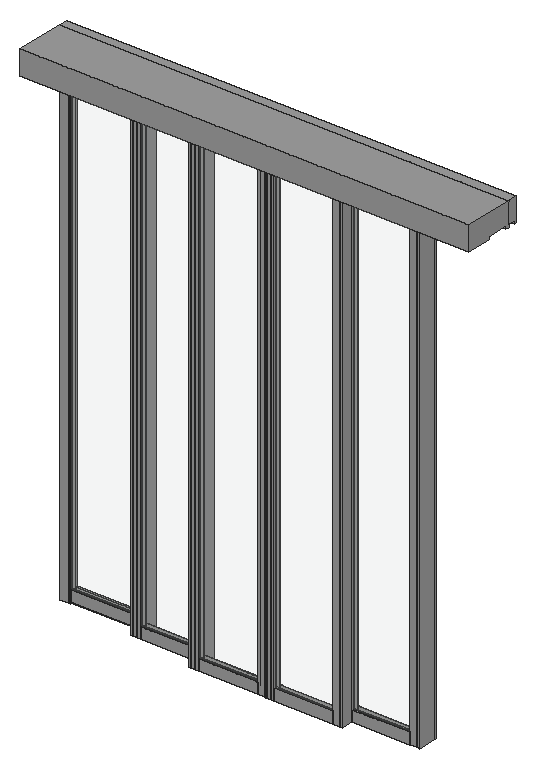
Revit family "agtatec_Record_SldngDrset_D-TSA-Telescopic_Standalone", category Doors, Revit 2015
Parameters (values of type "D-TSA 108 mm drive unit height - side panel left")
  WithoutDriveCladding(OnlyApplicableForTypesWithoutSidePanels) = not(WithDriveCladding)  # no
  Without side panels = and(not(RightPanel), not(LeftPanel))  # no
  WithinStandardSizes = and(OpeningWidth > 799.90 mm, OpeningWidth < 3000.10 mm, ClearHeightOfPassage < 3000.10 mm, ClearHeightOfPassage > 1999.90 mm)  # yes
  WithDriveCladding = yes
  With side panels = and(RightPanel, LeftPanel)  # no
  Weight = "Depends on configuration and size"
  WarrantyDurationUnit = "Depends on country"
  WallMountingProfile = yes
  Wall Mounting Right = and(WallMountingProfile, RightPanel)  # no
  Wall Mounting Left = and(WallMountingProfile, LeftPanel)  # yes
  TotalWidth = if(With side panels, SidePanelWidthLeft + SidePanelWidthRight + OpeningWidth, if(RightPanel, SidePanelWidthRight + OpeningWidth + 44.00 mm, if(LeftPanel, SidePanelWidthLeft + OpeningWidth + 44.00 mm, OpeningWidth + 88.00 mm)))  # 1644.00 mm
  TotalHeight = ClearHeightOfPassage + DriveUnitHeight  # 2295.00 mm
  Thickness = 0.00 mm
  SustainabilityPerformance = "n/a"
  SupportLength = SidePanelWidthLeft + SidePanelWidthRight + OpeningWidth + DriveUnitExtraWidthRight + DriveUnitExtraWidthLeft  # 2000.00 mm
  SidePanelWidthRight = (OpeningWidth / 4) + 100.00 mm + ExtraRight  # 400.00 mm
  SidePanelWidthLeft = (OpeningWidth / 4) + 100.00 mm + ExtraLeft  # 400.00 mm
  ServiceLifeType = "n/a"
  SecurityRating = "None"
  RightPanel = no
  Revision = "n/a"
  ProductInformation = "www.agta-record.com"
  Process = "n/a"
  PassageMountingProfile(OnlyApplicableForTypesWithTwoSidePanels) = not(WallMountingProfile)  # no
  Passage Mounting Right = and([PassageMountingProfile(OnlyApplicableForTypesWithTwoSidePanels)], RightPanel)  # no
  Passage Mounting Left = and([PassageMountingProfile(OnlyApplicableForTypesWithTwoSidePanels)], LeftPanel)  # no
  PanelHeight = ClearHeightOfPassage + 13.00 mm  # 2200.00 mm
  PanelFrames = agtatec_Record_Sliding Door, Aluminium
  PanelFill = agtatec_Record_Sliding Door, Laminated Safety Glass (Clear)
  OuterPanelWidthRight = SidePanelWidthRight - 27.00 mm  # 373.00 mm
  OuterPanelWidthLeft = SidePanelWidthLeft - 27.00 mm  # 373.00 mm
  OpeningWidth = 1200.00 mm
  Name = "SldngDrset_D-TSA-Telescopic_Standalone_Record"
  NBSTypeID = "n/a"
  NBSReference = "25-50-20/175"
  NBSOfficeMasterTag = "n/a"
  NBSNote = "n/a"
  NBSDescription = "Sliding Doorset"
  NBSCertification = "n/a"
  ModelNumber = "n/a"
  ModelLabel = "n/a"
  MethodOfMeasurement = "n/a"
  ManufacturerName = "Record"
  LeftPanel = yes
  InterlancingProfileHeight = PanelHeight - 5.00 mm  # 2195.00 mm
  InstallationDate [instance] = "1900-12-31T23:59:59"
  InnerPanelWidth2 = (OpeningWidth / 4) + 20.00 mm  # 320.00 mm
  InnerPanelWidth1 = (OpeningWidth / 4) + 32.00 mm  # 332.00 mm
  IfcExportType = "Door"
  IfcExportAs = "IfcDoorStyle"
  Grade = "n/a"
  GlazingAreaFraction = "Depends on size. Can be calculated"
  FloorGuide = agtatec_Record_Sliding Door, Stainless Steel
  FireRating = "None"
  Fire Rating = "n/a"
  Features = "n/a"
  ExtraWidthRight = 0.00 mm
  ExtraWidthLeft = 0.00 mm
  ExtraRight = if(not(RightPanel), 0.00 mm, ExtraWidthRight)  # 0.00 mm
  ExtraLeft = if(not(LeftPanel), 0.00 mm, ExtraWidthLeft)  # 0.00 mm
  ExpectedLife = "n/a"
  DurationUnit = "year"
  DriveUnitHeight = 108.00 mm
  DriveUnitExtraWidthRight = 0.00 mm
  DriveUnitExtraWidthLeft = 0.00 mm
  DriveUnitCenterDistance = (OpeningWidth / 2) + SidePanelWidthRight + DriveUnitExtraWidthRight  # 1000.00 mm
  DriveUnit = agtatec_Record_Sliding Door, Sheet Metal (Painted Steel)
  DriveDepth2 = if([WithoutDriveCladding(OnlyApplicableForTypesWithoutSidePanels)], 0.00 mm, 37.00 mm)  # 37.00 mm
  DriveDepth = if([WithoutDriveCladding(OnlyApplicableForTypesWithoutSidePanels)], 222.00 mm, 259.00 mm)  # 259.00 mm
  DoorOpening2 = if(DoorOpening1 > 1.00 mm, (OpeningWidth / 2) + DoorOpening1 / 2, OpeningWidth / 2)  # 600.00 mm
  DoorOpening1 = if(DoorOpening > OpeningWidth, OpeningWidth, DoorOpening)  # 0.00 mm
  DoorOpening = 0.00 mm
  Width = TotalWidth  # 1644.00 mm
  WarrantyStartDate [instance] = "1900-12-31T23:59:59"
  WarrantyGuarantorParts = "Local door manufacturer"
  WarrantyGuarantorLabour = "Local door manufacturer"
  WarrantyDurationParts = "Depends on country"
  WarrantyDurationLabour = "Depends on country"
  WarrantyDescription = "Depends on country"
  Version = "Version 1.0"
  Uniclass2 = "Ss_25_30_20_77"
  URL = "www.agta-record.com"
  Type Comments = "n/a"
  ThresholdStripping = "No additional required, part of the doorset"
  ThresholdRequired = yes
  ThermalTransmittance = 0
  TagNumber [instance] = "n/a"
  SmokeStop = no
  Size = "n/a"
  Shape = "Rectangular"
  ServiceLifeDuration = "10-15 years"
  SerialNumber [instance] = "n/a"
  SelfClosing = yes
  Rough Width = TotalWidth + 6.00 mm  # 1650.00 mm
  Rough Height = TotalHeight + 6.00 mm  # 2301.00 mm
  ReplacementCost = "Depends on the configuration and door type"
  ReferenceStandard = "EN16005, EN16361, DIN 18650, etc."
  Reference = "n/a"
  ProductionYear = "n/a"
  PassageWidthOptions = "n/a"
  Operation = "n/a"
  NominalWidth = TotalWidth  # 1644.00 mm
  NominalLength = 0.00 mm
  NominalHeight = TotalHeight  # 2295.00 mm
  ModelReference = "Depends on the configuration"
  Model = "record Telescopic Linear Slider"
  Material = "Aluminium"
  ManufacturerURL = "www.agta-record.com"
  Manufacturer = "info@recorduk.co.uk"
  LeafColourOptions = "All RAL, customer specific"
  Keynote = "n/a"
  IssueDate = "n/a"
  IsExternal = yes
  Infiltration = "n/a"
  Height = TotalHeight  # 2295.00 mm
  HasDrive = yes
  HandicapAccessible = yes
  GlassType = "Part of glazing spec"
  GlassThickness2 = "6 mm (default)"
  GlassThickness1 = "6 mm (default)"
  GlassLayers = 2
  Function = Exterior
  FrameSeal = yes
  FrameProfile = "Aluminium"
  FrameMaterial = "Aluminium"
  FrameFinishOptions = "n/a"
  FireExit = no
  Finish = "Powder coated, Anodized, customer specific"
  ElectronicLock = yes
  DoorsetOperation = "Automatic"
  DoorsetFasteners = "Screws"
  DoorSeal = "yes"
  DoorNumber = "n/a"
  DoorIncluded = yes
  Documentation = "n/a"
  DocumentReference = "n/a"
  DistanceToWall = if([WithoutDriveCladding(OnlyApplicableForTypesWithoutSidePanels)], 20.00 mm, 57.00 mm)  # 57.00 mm
  Description = "Automatic Sliding Door"
  Cost = 0
  Controller = "n/a"
  Construction Type = "Automatic Sliding Door"
  Constituents = "n/a"
  Configuration = "1 or 2"
  Colour = "Customer specific"
  CodePerformance = "n/a"
  ClearanceZones = no
  ClearanceZoneRight = if(or(not(WallMountingProfile), not(RightPanel), DriveUnitExtraWidthRight > 0.00 mm), ((OpeningWidth / 2) + SidePanelWidthRight + DriveUnitExtraWidthRight), (OpeningWidth / 2) + SidePanelWidthRight + DriveUnitExtraWidthRight + 16.00 mm)  # 1000.00 mm
  ClearanceZoneLeft = if(or(not(WallMountingProfile), not(LeftPanel), DriveUnitExtraWidthLeft > 0.00 mm), ((OpeningWidth / 2) + SidePanelWidthLeft + DriveUnitExtraWidthLeft), (OpeningWidth / 2) + SidePanelWidthLeft + DriveUnitExtraWidthLeft + 16.00 mm)  # 1016.00 mm
  ClearHeightOfPassage = 2187.00 mm
  CladdingVoid = if(Without side panels, 3.00 mm, 35.00 mm)  # 35.00 mm
  CladdingProfile = not([WithoutDriveCladding(OnlyApplicableForTypesWithoutSidePanels)])  # yes
  CenterOfDoor = SupportLength / 2  # 1000.00 mm
  Category = "n/a"
  BreakoutFacility = "n/a"
  BarCode [instance] = "n/a"
  BIMObjectName = "agtatec_Record_SlidingDoorset_D-TSA-Telescopic_Standalone"
  Author = "agtatec"
  AssetType = "n/a"
  AssetIdentifier [instance] = "n/a"
  Assembly Code = "B2030110"
  AntiFingerTrapRequirement = yes
  AlternativeDoorsetGlazing = "Part of glazing spec"
  AcousticRating = "None"
  AccessoryOptions = "Contact manufacturer"
  AccessibilityPerformance = "n/a"
Reference planes
  plane 1 "Center (Front/Back)": y = 0
  plane 2: z = 0
  plane 3 "Ex Center (Left/Right)": x = 0
  plane 4: z = 2295
  plane 5: z = 2187
  plane 6 "2D Lines": z = 100
  plane 7: x = 0
  plane 8: x = 300
  plane 9: x = 600
  plane 10: x = -300
  plane 11: x = -600
  plane 12: x = 0
  plane 13: x = 1000
  plane 14: x = -1000
  plane 15: x = 300
  plane 16: x = -300
  plane 17: y = -57
  plane 18: y = -109
  plane 19: y = -5
  plane 20: x = 312
  plane 21: x = -312
  plane 22: x = -632
  plane 23: x = 632
  plane 24: y = -367
  plane 25: y = -259
  plane 26: y = -5
  plane 27: y = -40
  plane 28: y = -40
  plane 29: z = 2315
  plane 30: x = 332
  plane 31 "Drive Unit Right": x = 1000
  plane 32: x = -332
  plane 33 "Center (Left/Right)": x = 0
  plane 34 "Clearance Zone Left": x = -1016
  plane 35 "Clearance Zone Right": x = 1000
Forms (mm)
  Extrusion 1, solid, material "agtatec_Record_Sliding Door, Sheet Metal (Painted Steel)" <- "DriveUnit"
    sketch origin (1000, -4572, 2150) x (0, 0, -1) y (0, -1, 0)
      loop
        line (-145, -4535) -> (-37, -4535) -> (-37, -4518) -> (-50, -4518) -> (-50, -4423) -> (-37, -4423) -> (-37, -4313) -> (-145, -4313) -> (-145, -4535)
    from 0 to 2000 <- "SupportLength"
  Extrusion 2, solid, material "agtatec_Record_Sliding Door, Aluminium" <- "PanelFrames", visible <- "Wall Mounting Left"
    sketch origin (0, 0, 0) x (1, 0, 0) y (0, 1, 0)
      loop
        line (-1000, -4) -> (-1000, -40) -> (-960, -40) -> (-960, -38) -> (-997, -38) -> (-997, -3) -> (-960, -3) -> (-960, 0) -> (-1016, 0) -> (-1016, -4) -> (-1000, -4)
    from 0 to 2187
  Extrusion 3, solid, material "agtatec_Record_Sliding Door, Aluminium" <- "PanelFrames", visible <- "Wall Mounting Right"
    sketch origin (0, 0, 0) x (1, 0, 0) y (0, 1, 0)
      loop
        line (1016, 0) -> (960, 0) -> (960, -3) -> (997, -3) -> (997, -38) -> (960, -38) -> (960, -40) -> (1000, -40) -> (1000, -4) -> (1016, -4) -> (1016, 0)
    from 0 to 2187
  Extrusion 4, solid, material "agtatec_Record_Sliding Door, Aluminium" <- "PanelFrames", visible <- "Passage Mounting Left"
    sketch origin (0, 0, 0) x (1, 0, 0) y (0, 1, 0)
      loop
        line (-1000, 0) -> (-1000, -40) -> (-960, -40) -> (-960, -38) -> (-997, -38) -> (-997, -3) -> (-960, -3) -> (-960, 0) -> (-1000, 0)
    from 0 to 2187
  Extrusion 5, solid, material "agtatec_Record_Sliding Door, Aluminium" <- "PanelFrames", visible <- "Passage Mounting Right"
    sketch origin (0, 0, 0) x (1, 0, 0) y (0, 1, 0)
      loop
        line (960, 0) -> (960, -3) -> (997, -3) -> (997, -38) -> (960, -38) -> (960, -40) -> (1000, -40) -> (1000, 0) -> (960, 0)
    from 0 to 2187
  Extrusion 6, solid, material "Clearance Zones", visible <- "ClearanceZones"
    sketch origin (0, 0, 0) x (0, 1, 0) y (0, 0, 1)
      loop
        line (0, 2315) -> (-367, 2315) -> (-367, 0) -> (0, 0) -> (0, 2315)
    from -1016 to 1000
  Extrusion 7, solid, material "agtatec_Record_Sliding Door, Sheet Metal (Painted Steel)" <- "DriveUnit", visible <- "CladdingProfile"
    sketch origin (1000, -4572, 2150) x (0, 0, -1) y (0, -1, 0)
      loop
        line (-145, -4572) -> (-37, -4572) -> (-37, -4535) -> (-145, -4535) -> (-145, -4572)
    from 0 to 2000 <- "SupportLength"
  Extrusion 8, void
    sketch origin (-1000, -40, 1200) x (1, 0, 0) y (0, 0, -1)
      loop
        line (0, -1000) -> (2000, -1000) -> (2000, -987) -> (0, -987) -> (0, -1000)
    from 0 to 35 <- "CladdingVoid"
Cuts and joins
  Extrusion 8 cuts Extrusion 2
  Extrusion 8 cuts Extrusion 3
  Extrusion 8 cuts Extrusion 4
  Extrusion 8 cuts Extrusion 5
  Extrusion 8 cuts Extrusion 7
Lines and regions (mm)
  Masking region 1, visible <- "Wall Mounting Left"
    outline origin (0, 0, 0) x (1, 0, 0) y (0, 1, 0)
      loop
        line (-1000, -4) -> (-1000, -40) -> (-960, -40) -> (-960, -38) -> (-997, -38) -> (-997, -3) -> (-960, -3) -> (-960, 0) -> (-1016, 0) -> (-1016, -4) -> (-1000, -4)
  Masking region 2, visible <- "Passage Mounting Left"
    outline origin (0, 0, 0) x (1, 0, 0) y (0, 1, 0)
      loop
        line (-1000, 0) -> (-1000, -40) -> (-960, -40) -> (-960, -38) -> (-997, -38) -> (-997, -3) -> (-960, -3) -> (-960, 0) -> (-1000, 0)
  Masking region 3, visible <- "Wall Mounting Right"
    outline origin (0, 0, 0) x (1, 0, 0) y (0, 1, 0)
      loop
        line (1000, -4) -> (1016, -4) -> (1016, 0) -> (960, 0) -> (960, -3) -> (997, -3) -> (997, -38) -> (960, -38) -> (960, -40) -> (1000, -40) -> (1000, -4)
  Masking region 4, visible <- "Passage Mounting Right"
    outline origin (0, 0, 0) x (1, 0, 0) y (0, 1, 0)
      loop
        line (1000, 0) -> (960, 0) -> (960, -3) -> (997, -3) -> (997, -38) -> (960, -38) -> (960, -40) -> (1000, -40) -> (1000, 0)
  symbolic lines
    curve 1: line (25, 50, 0) -> (175, 50, 0)
    curve 2: line (175, 50, 0) -> (139.645, 85.355, 0)
    curve 3: line (175, 50, 0) -> (139.645, 14.645, 0)
    curve 4: line (-25, 50, 0) -> (-175, 50, 0)
    curve 5: line (-175, 50, 0) -> (-139.645, 85.355, 0)
    curve 6: line (-175, 50, 0) -> (-139.645, 14.645, 0)
Dimensions and locks
  "DriveUnitHeight": plane 4 to plane 5
  "ClearHeightOfPassage": plane 5 to plane 2
  equal spacing: plane 11, plane 10, plane 3 "Ex Center (Left/Right)", plane 8, plane 9
  "OpeningWidth": plane 11 to plane 9
  "SidePanelWidthRight": plane 9 to plane 13
  "SidePanelWidthLeft": plane 14 to plane 11
  equal spacing: plane 12, plane 3 "Ex Center (Left/Right)", plane 7
  equal spacing: plane 16, plane 3 "Ex Center (Left/Right)", plane 15
  "DoorOpening1": plane 12 to plane 7
  "DoorOpening2": plane 16 to plane 15
  "DistanceToWall": plane 17 to plane 1 "Center (Front/Back)"
  locked: plane 17 to plane 18 at 52
  locked: nested 11 to plane 11 at 12
  locked: plane 9 to nested 12 at 12
  locked: plane 15 to plane 20 at 12
  locked: plane 21 to plane 16 at 12
  "InnerPanelWidth2": plane 22 to plane 21
  "InnerPanelWidth2": plane 20 to plane 23
  "DriveUnitHeight": plane 25 to plane 24
  locked: Extrusion 1 sketch curve to plane 25 at 110
  "DriveDepth": plane 1 "Center (Front/Back)" to plane 25
  locked: plane 29 to plane 4 at 20
  curve 6 to plane 3 "Ex Center (Left/Right)" to curve 3 = 175.00 mm locked, 175.00 mm locked
  "InnerPanelWidth1": plane 7 to plane 30
  "DriveDepth2": plane 1 "Center (Front/Back)" to Extrusion 1 sketch curve
  locked: Extrusion 8 sketch curve to plane 5 at 13
  "InnerPanelWidth1": plane 32 to plane 12
  "CenterOfDoor": plane 33 "Center (Left/Right)" to plane 31 "Drive Unit Right"
  "ClearanceZoneRight": plane 3 "Ex Center (Left/Right)" to plane 35 "Clearance Zone Right"
  "ClearanceZoneLeft": plane 34 "Clearance Zone Left" to plane 3 "Ex Center (Left/Right)"
  "DriveUnitCenterDistance": plane 3 "Ex Center (Left/Right)" to plane 31 "Drive Unit Right"
  "SupportLength": Extrusion 8 sketch curve to plane 31 "Drive Unit Right"
  aligned and locked: level to plane 2
  aligned and locked: plane 11 to nested 5
  aligned and locked: nested 6 to plane 9
  aligned and locked: plane 18 to nested 1
  aligned and locked: nested 2 to plane 18
  aligned and locked: plane 18 to nested 13
  aligned and locked: nested 10 to plane 18
  aligned and locked: plane 17 to nested 3
  aligned and locked: nested 4 to plane 17
  aligned and locked: plane 17 to nested 7
  aligned and locked: nested 8 to plane 17
  aligned and locked: nested 9 to plane 17
  aligned and locked: plane 17 to nested 14
  aligned and locked: nested 12 to plane 19
  aligned and locked: plane 19 to nested 6
  aligned and locked: plane 19 to nested 11
  aligned and locked: nested 5 to plane 19
  aligned and locked: nested 8 to plane 15
  aligned and locked: plane 16 to nested 7
  aligned and locked: plane 22 to nested 9
  aligned and locked: nested 3 to plane 22
  aligned and locked: nested 14 to plane 23
  aligned and locked: plane 23 to nested 4
  aligned and locked: Extrusion 1 sketch curve to plane 25
  aligned and locked: Extrusion 5 sketch curve to plane 27
  aligned and locked: plane 27 to Extrusion 3 sketch curve
  aligned and locked: plane 28 to Extrusion 4 sketch curve
  aligned and locked: plane 28 to Extrusion 2 sketch curve
  aligned and locked: plane 28 to Masking region 2 sketch curve
  aligned and locked: Masking region 4 sketch curve to plane 27
  aligned and locked: Masking region 3 sketch curve to plane 27
  aligned and locked: plane 28 to Masking region 1 sketch curve
  aligned and locked: plane 29 to Extrusion 6 sketch curve
  aligned and locked: Extrusion 6 sketch curve to plane 24
  aligned and locked: plane 5 to Extrusion 5
  aligned and locked: plane 5 to Extrusion 3
  aligned and locked: plane 5 to Extrusion 4
  aligned and locked: plane 5 to Extrusion 2
  aligned and locked: nested 13 to plane 30
  aligned and locked: plane 30 to nested 2
  aligned and locked: plane 5 to Extrusion 7 sketch curve
  aligned and locked: plane 5 to Extrusion 8 sketch curve
  aligned and locked: nested 1 to plane 32
  aligned and locked: plane 32 to nested 10
  aligned and locked: Extrusion 6 to plane 35 "Clearance Zone Right"
  aligned and locked: Extrusion 6 to plane 34 "Clearance Zone Left"
  aligned and locked: plane 31 "Drive Unit Right" to Extrusion 8 sketch curve
Automatic sketch dimensions
  Extrusion 6 sketch curve to level = 0.00 mm
  Extrusion 6 sketch curve to plane 1 "Center (Front/Back)" = 0.00 mm
  curve 6 to plane 1 "Center (Front/Back)" = 50.00 mm
  curve 4 to curve 5 = 35.355 mm
  curve 6 to plane 1 "Center (Front/Back)" = 14.645 mm
  curve 6 to curve 6 = 35.355 mm
  curve 4 to plane 3 "Ex Center (Left/Right)" = 25.00 mm
  plane 3 "Ex Center (Left/Right)" to curve 1 = 25.00 mm
  curve 3 to plane 1 "Center (Front/Back)" = 14.645 mm
  curve 3 to curve 2 = 0.00 mm
  curve 2 to curve 1 = 35.355 mm
  curve 3 to curve 2 = 35.355 mm
  plane 1 "Center (Front/Back)" to Extrusion 5 sketch curve = 0.00 mm
  Extrusion 5 sketch curve to plane 13 = 0.00 mm
  plane 13 to Extrusion 5 sketch curve = 3.00 mm
  Extrusion 5 sketch curve to Extrusion 5 sketch curve = 37.00 mm
  Extrusion 5 sketch curve to Extrusion 5 sketch curve = 0.00 mm
  Extrusion 5 sketch curve to plane 27 = 2.00 mm
  plane 19 to Extrusion 5 sketch curve = 2.00 mm
  plane 1 "Center (Front/Back)" to Extrusion 3 sketch curve = 0.00 mm
  Extrusion 3 sketch curve to plane 13 = 0.00 mm
  plane 13 to Extrusion 3 sketch curve = 3.00 mm
  Extrusion 3 sketch curve to plane 27 = 2.00 mm
  Extrusion 3 sketch curve to Extrusion 3 sketch curve = 37.00 mm
  plane 19 to Extrusion 3 sketch curve = 2.00 mm
  Extrusion 3 sketch curve to Extrusion 3 sketch curve = 0.00 mm
  Extrusion 3 sketch curve to plane 13 = 16.00 mm
  plane 19 to Extrusion 3 sketch curve = 1.00 mm
  plane 1 "Center (Front/Back)" to Masking region 3 sketch curve = 0.00 mm
  Masking region 3 sketch curve to plane 13 = 0.00 mm
  plane 13 to Masking region 3 sketch curve = 3.00 mm
  plane 19 to Masking region 3 sketch curve = 2.00 mm
  Masking region 3 sketch curve to Masking region 3 sketch curve = 37.00 mm
  Masking region 3 sketch curve to plane 27 = 2.00 mm
  Masking region 3 sketch curve to Masking region 3 sketch curve = 0.00 mm
  plane 19 to Masking region 3 sketch curve = 1.00 mm
  Masking region 3 sketch curve to plane 13 = 16.00 mm
  plane 1 "Center (Front/Back)" to Masking region 4 sketch curve = 0.00 mm
  Masking region 4 sketch curve to plane 13 = 0.00 mm
  plane 13 to Masking region 4 sketch curve = 3.00 mm
  plane 19 to Masking region 4 sketch curve = 2.00 mm
  Masking region 4 sketch curve to Masking region 4 sketch curve = 37.00 mm
  Masking region 4 sketch curve to plane 27 = 2.00 mm
  Masking region 4 sketch curve to Masking region 4 sketch curve = 0.00 mm
  plane 1 "Center (Front/Back)" to Masking region 1 sketch curve = 0.00 mm
  Masking region 1 sketch curve to plane 14 = 0.00 mm
  Masking region 1 sketch curve to plane 14 = 16.00 mm
  plane 14 to Masking region 1 sketch curve = 3.00 mm
  Masking region 1 sketch curve to Masking region 1 sketch curve = 37.00 mm
  Masking region 1 sketch curve to plane 27 = 2.00 mm
  Masking region 1 sketch curve to Masking region 1 sketch curve = 0.00 mm
  plane 19 to Masking region 1 sketch curve = 1.00 mm
  plane 19 to Masking region 1 sketch curve = 2.00 mm
  plane 1 "Center (Front/Back)" to Masking region 2 sketch curve = 0.00 mm
  Masking region 2 sketch curve to plane 14 = 0.00 mm
  plane 14 to Masking region 2 sketch curve = 3.00 mm
  Masking region 2 sketch curve to plane 27 = 2.00 mm
  Masking region 2 sketch curve to Masking region 2 sketch curve = 37.00 mm
  plane 19 to Masking region 2 sketch curve = 2.00 mm
  Masking region 2 sketch curve to Masking region 2 sketch curve = 0.00 mm
  plane 1 "Center (Front/Back)" to Extrusion 4 sketch curve = 0.00 mm
  Extrusion 4 sketch curve to plane 14 = 0.00 mm
  plane 14 to Extrusion 4 sketch curve = 3.00 mm
  Extrusion 4 sketch curve to plane 27 = 2.00 mm
  Extrusion 4 sketch curve to Extrusion 4 sketch curve = 37.00 mm
  plane 19 to Extrusion 4 sketch curve = 2.00 mm
  Extrusion 4 sketch curve to Extrusion 4 sketch curve = 0.00 mm
  plane 1 "Center (Front/Back)" to Extrusion 2 sketch curve = 0.00 mm
  Extrusion 2 sketch curve to plane 14 = 0.00 mm
  Extrusion 2 sketch curve to plane 14 = 16.00 mm
  plane 14 to Extrusion 2 sketch curve = 3.00 mm
  Extrusion 2 sketch curve to Extrusion 2 sketch curve = 37.00 mm
  Extrusion 2 sketch curve to plane 27 = 2.00 mm
  Extrusion 2 sketch curve to Extrusion 2 sketch curve = 0.00 mm
  plane 19 to Extrusion 2 sketch curve = 1.00 mm
  plane 19 to Extrusion 2 sketch curve = 2.00 mm
  Extrusion 7 sketch curve to plane 4 = 0.00 mm
  Extrusion 7 sketch curve to plane 1 "Center (Front/Back)" = 0.00 mm
  Extrusion 7 sketch curve to plane 27 = 3.00 mm
  plane 4 to Extrusion 1 sketch curve = 0.00 mm
  Extrusion 1 sketch curve to plane 5 = 0.00 mm  (x2)
  plane 17 to Extrusion 1 sketch curve = 3.00 mm
  Extrusion 1 sketch curve to Extrusion 1 sketch curve = 13.00 mm
Nested families
  nested 1: "Inner Panel 1" at (0, -109, 0) x (-1, 0, 0) z (0, 0, 1), type "Inner Panel 1"
    with Inner Panel Width 332.00 mm
  nested 2: "Inner Panel 1" at (0, -109, 0), type "Inner Panel 1"
    with Inner Panel Width 332.00 mm
  nested 3: "Inner Panel 2" at (-312, -57, 0) x (-1, 0, 0) z (0, 0, 1), type "Inner Panel 2"
    with Inner Panel Width 320.00 mm
  nested 4: "Inner Panel 2" at (312, -57, 0), type "Inner Panel 2"
    with Inner Panel Width 320.00 mm
  nested 5: "Interlacing profile - Outer" at (-612, -37, 5) x (0, -1, 0) z (0, 0, 1), type "Left"
    with Side Panel yes, Interlacing profile 2 no, Interlacing profile 1 yes
  nested 6: "Interlacing profile - Outer" at (612, -37, 5) x (0, -1, 0) z (0, 0, 1), type "Right"
  nested 7: "Interlacing profile - Inner" at (-312, -89, 5) x (0, -1, 0) z (0, 0, 1), type "Inner"
    with Side Panel yes, Interlacing profile 4 no, Interlacing profile 1 yes
  nested 8: "Interlacing profile - Inner" at (312, -89, 5) x (0, -1, 0) z (0, 0, 1), type "Inner"
    with Side Panel yes, Interlacing profile 4 no, Interlacing profile 1 yes
  nested 9: "Interlacing profile - Inner" at (-632, -57, 5) x (0, 1, 0) z (0, 0, 1), type "Left"
    with Side Panel yes, Interlacing profile 4 no, Interlacing profile 1 yes
  nested 10: "Interlacing profile - Inner" at (-332, -109, 5) x (0, 1, 0) z (0, 0, 1), type "Inner"
    with Side Panel yes, Interlacing profile 4 no, Interlacing profile 1 yes
  nested 11: "Outer Panel" at (-612, -5, 0) x (-1, 0, 0) z (0, 0, 1), visible <- "LeftPanel", type "Left Panel"
  nested 12: "Outer Panel" at (612, -5, 0), visible <- "RightPanel", type "Right Panel"
  nested 13: "Interlacing profile - Inner" at (332, -109, 5) x (0, 1, 0) z (0, 0, 1), type "Inner"
    with Side Panel yes, Interlacing profile 4 no, Interlacing profile 1 yes
  nested 14: "Interlacing profile - Inner" at (632, -57, 5) x (0, 1, 0) z (0, 0, 1), type "Right"
Definition of nested family "Inner Panel 1"
  Parameters
    Panel Height = 2200.00 mm
    Panel Glass = none
    Panel Frames = none
    Inner Panel Width = 632.00 mm
  Reference planes
    plane 1 "Center (Front/Back)": y = 0
    plane 2: z = 0
    plane 3 "Center (Left/Right)": x = 0
    plane 4: x = 632
    plane 5: z = 2200
    plane 6: x = 600
    plane 7: x = 37
    plane 8: z = 2181
    plane 9 "Above": z = 42
    plane 10: x = 613.5
    plane 11: x = 23.5
    plane 12: z = 5
    plane 13: x = 622
    plane 14: x = 5
  Forms (mm)
    Extrusion 1, solid, material <- "Panel Frames"
      sketch origin (0, 0, 0) x (1, 0, 0) y (0, 1, 0)
        loop
          line (5, 0) -> (37, 0) -> (37, 2.5) -> (21, 2.5) -> (21, 29.5) -> (37, 29.5) -> (37, 32) -> (5, 32) -> (5, 0)
      from 5 to 2200
    Extrusion 2, solid, material <- "Panel Frames"
      sketch origin (591.5, 0, 0) x (-1, 0, 0) y (0, -1, 0)
        loop
          line (-40.5, 0) -> (-40.5, -32) -> (-8.5, -32) -> (-8.5, -29.5) -> (-24.5, -29.5) -> (-24.5, -2.5) -> (-8.5, -2.5) -> (-8.5, 0) -> (-40.5, 0)
      from 5 to 2200
    Extrusion 3, solid, material <- "Panel Frames"
      sketch origin (-55, 0, 0) x (0, 1, 0) y (0, 0, 1)
        loop
          line (0, 5) -> (14.65, 5) -> (14.65, 26) -> (17.35, 26) -> (17.35, 5) -> (32, 5) -> (32, 55) -> (29.5, 55) -> (29.5, 39) -> (2.5, 39) -> (2.5, 55) -> (0, 55) -> (0, 5)
      from 92 to 655
    Extrusion 4, solid, material <- "Panel Frames"
      sketch origin (75, 0, 0) x (0, 1, 0) y (0, 0, 1)
        loop
          line (0, 2200) -> (0, 2168) -> (2.5, 2168) -> (2.5, 2184) -> (29.5, 2184) -> (29.5, 2168) -> (32, 2168) -> (32, 2200) -> (0, 2200)
      from -38 to 525
    Extrusion 5, solid, material <- "Panel Glass"
      sketch origin (0, 0, 0) x (1, 0, 0) y (0, 1, 0)
        loop
          line (23.5, 28) -> (23.5, 4) -> (613.5, 4) -> (613.5, 28) -> (23.5, 28)
      from 42 to 2181
    Extrusion 6, solid, material <- "Panel Frames"
      sketch origin (0, 0, 0) x (1, 0, 0) y (0, 1, 0)
        loop
          line (0, 32) -> (0, 0) -> (5, 0) -> (5, 32) -> (0, 32)
      from 5 to 2200
  Lines and regions (mm)
    Masking region 1
      outline origin (0, 0, 0) x (1, 0, 0) y (0, 1, 0)
        loop
          line (632, 32) -> (0, 32) -> (0, 0) -> (622, 0) -> (632, 0) -> (632, 32)
    symbolic lines, detail levels fine
      curve 1: line (37, 28, 42) -> (600, 28, 42)
      curve 2: line (37, 4, 42) -> (600, 4, 42)
      curve 6: line (600, 29.5, 42) -> (616, 29.5, 42)
      curve 7: line (616, 29.5, 42) -> (616, 2.5, 42)
      curve 8: line (616, 2.5, 42) -> (600, 2.5, 42)
      curve 9: line (600, 4, 42) -> (613.5, 4, 42)
      curve 10: line (613.5, 4, 42) -> (613.5, 28, 42)
      curve 11: line (613.5, 28, 42) -> (600, 28, 42)
      curve 12: line (37, 29.5, 42) -> (21, 29.5, 42)
      curve 13: line (21, 29.5, 42) -> (21, 2.5, 42)
      curve 14: line (21, 2.5, 42) -> (37, 2.5, 42)
      curve 15: line (37, 4, 42) -> (23.5, 4, 42)
      curve 16: line (23.5, 4, 42) -> (23.5, 28, 42)
      curve 17: line (23.5, 28, 42) -> (37, 28, 42)
    symbolic lines, detail levels medium+fine
      curve 3: line (37, 32, 42) -> (37, 29.5, 42)
      curve 4: line (600, 0, 42) -> (600, 2.5, 42)
      curve 18: line (600, 29.5, 42) -> (600, 32, 42)
      curve 21: line (37, 2.5, 42) -> (37, 0, 42)
    symbolic lines
      curve 5: line (5, 32, 42) -> (5, 0, 42)
      curve 22: line (600, 0, 1084) -> (564.645, 0, 1119.355)
      curve 23: line (600, 0, 1084) -> (564.645, 0, 1048.645)
      curve 24: line (37, 0, 1084) -> (600, 0, 1084)
    symbolic lines, detail levels medium
      curve 19: line (600, 2.5, 42) -> (600, 29.5, 42)
      curve 20: line (37, 29.5, 42) -> (37, 2.5, 42)
  Dimensions and locks
    "Panel Height": plane 5 to plane 2
    "Inner Panel Width": plane 4 to plane 3 "Center (Left/Right)"
    locked: plane 7 to plane 3 "Center (Left/Right)" at 37
    locked: plane 6 to plane 4 at 32
    locked: plane 5 to plane 8 at 19
    locked: plane 9 "Above" to level at 42
    locked: plane 4 to plane 10 at 18.5
    locked: plane 11 to plane 3 "Center (Left/Right)" at 23.5
    locked: plane 13 to plane 4 at 10
    locked: plane 14 to plane 3 "Center (Left/Right)" at 5
    equal spacing: Extrusion 4, curve 24, level
    aligned and locked: plane 2 to level
    aligned and locked: plane 5 to Extrusion 2
    aligned and locked: plane 5 to Extrusion 1
    aligned and locked: Extrusion 1 to Extrusion 2
    aligned and locked: Extrusion 4 to plane 7
    aligned and locked: Extrusion 4 to plane 6
    aligned and locked: Extrusion 3 to plane 7
    aligned and locked: Extrusion 3 to plane 6
    aligned and locked: plane 8 to Extrusion 5
    aligned and locked: Extrusion 5 to plane 9 "Above"
    aligned and locked: Extrusion 5 to plane 10
    aligned and locked: Extrusion 5 to plane 11
    aligned and locked: Extrusion 1 to Extrusion 3
    aligned and locked: Extrusion 3 to Extrusion 2
    aligned and locked: Masking region 1 sketch curve to plane 4
    aligned and locked: Masking region 1 sketch curve to plane 3 "Center (Left/Right)"
    aligned and locked: curve 4 to plane 6
    aligned and locked: curve 3 to plane 7
    aligned and locked: Masking region 1 to Extrusion 1
    aligned and locked: plane 7 to Extrusion 1  (x2)
    aligned and locked: plane 6 to Extrusion 2  (x2)
    aligned and locked: curve 1 to Extrusion 5
    aligned and locked: Extrusion 5 to curve 2
    aligned and locked: Extrusion 1 sketch curve to plane 14
    aligned and locked: Extrusion 1 to plane 14
    aligned and locked: Extrusion 6 sketch curve to plane 14
    aligned and locked: plane 3 "Center (Left/Right)" to Extrusion 6 sketch curve
    aligned and locked: plane 5 to Extrusion 6
  Automatic sketch dimensions
    Extrusion 1 sketch curve to plane 7 = 0.00 mm  (x2)
    plane 1 "Center (Front/Back)" to Extrusion 1 sketch curve = 0.00 mm
    Extrusion 1 sketch curve to plane 11 = 2.50 mm
    Extrusion 1 sketch curve to plane 1 "Center (Front/Back)" = 2.50 mm
    Extrusion 1 sketch curve to Extrusion 1 sketch curve = 27.00 mm
    Extrusion 1 sketch curve to Extrusion 1 sketch curve = 2.50 mm
    Extrusion 2 sketch curve to plane 4 = 0.00 mm
    Extrusion 2 sketch curve to plane 6 = 0.00 mm  (x2)
    plane 1 "Center (Front/Back)" to Extrusion 2 sketch curve = 0.00 mm
    plane 10 to Extrusion 2 sketch curve = 2.50 mm
    Extrusion 2 sketch curve to Extrusion 2 sketch curve = 2.50 mm  (x2)
    Extrusion 2 sketch curve to Extrusion 2 sketch curve = 27.00 mm
    Extrusion 3 sketch curve to plane 1 "Center (Front/Back)" = 0.00 mm
    Extrusion 3 sketch curve to plane 12 = 0.00 mm  (x2)
    Extrusion 3 sketch curve to plane 1 "Center (Front/Back)" = 2.50 mm
    Extrusion 3 sketch curve to Extrusion 3 sketch curve = 14.65 mm
    Extrusion 3 sketch curve to Extrusion 3 sketch curve = 2.70 mm
    plane 9 "Above" to Extrusion 3 sketch curve = 13.00 mm  (x2)
    Extrusion 3 sketch curve to Extrusion 3 sketch curve = 27.00 mm
    Extrusion 3 sketch curve to Extrusion 3 sketch curve = 2.50 mm
    Extrusion 3 sketch curve to Extrusion 3 sketch curve = 21.00 mm
    Extrusion 3 sketch curve to plane 9 "Above" = 3.00 mm
    Extrusion 4 sketch curve to plane 1 "Center (Front/Back)" = 0.00 mm
    Extrusion 4 sketch curve to plane 5 = 0.00 mm
    Extrusion 4 sketch curve to plane 1 "Center (Front/Back)" = 2.50 mm
    plane 8 to Extrusion 4 sketch curve = 3.00 mm
    Extrusion 4 sketch curve to Extrusion 4 sketch curve = 27.00 mm
    Extrusion 4 sketch curve to Extrusion 4 sketch curve = 32.00 mm
    Extrusion 4 sketch curve to plane 8 = 13.00 mm  (x2)
    Extrusion 5 sketch curve to plane 11 = 0.00 mm
    Extrusion 5 sketch curve to plane 10 = 0.00 mm
    Extrusion 5 sketch curve to plane 1 "Center (Front/Back)" = 4.00 mm
    Extrusion 5 sketch curve to Extrusion 5 sketch curve = 24.00 mm
    plane 1 "Center (Front/Back)" to Masking region 1 sketch curve = 0.00 mm
    Masking region 1 sketch curve to plane 13 = 0.00 mm
    Masking region 1 sketch curve to plane 1 "Center (Front/Back)" = 32.00 mm
    curve 9 to plane 10 = 0.00 mm
    curve 17 to plane 11 = 0.00 mm
    curve 5 to plane 14 = 0.00 mm
    plane 1 "Center (Front/Back)" to curve 5 = 0.00 mm
    plane 1 "Center (Front/Back)" to curve 21 = 0.00 mm
    plane 1 "Center (Front/Back)" to curve 4 = 0.00 mm
    curve 6 to plane 10 = 2.50 mm
    curve 13 to plane 11 = 2.50 mm
    curve 16 to curve 1 = 0.00 mm
    curve 12 to curve 16 = 1.50 mm
    curve 6 to curve 1 = 1.50 mm
    curve 5 to curve 12 = 2.50 mm
    curve 3 to curve 3 = 2.50 mm
    curve 18 to curve 6 = 2.50 mm
    curve 11 to curve 1 = 0.00 mm
    curve 10 to plane 1 "Center (Front/Back)" = 4.00 mm
    curve 16 to plane 1 "Center (Front/Back)" = 4.00 mm
    curve 14 to plane 1 "Center (Front/Back)" = 2.50 mm
    curve 8 to plane 1 "Center (Front/Back)" = 2.50 mm
    plane 1 "Center (Front/Back)" to Extrusion 6 sketch curve = 0.00 mm
    Extrusion 6 sketch curve to plane 1 "Center (Front/Back)" = 32.00 mm
    plane 6 to curve 23 = 35.355 mm
    curve 23 to curve 24 = 35.355 mm
    curve 24 to curve 22 = 35.355 mm
    curve 24 to plane 7 = 0.00 mm
    plane 6 to curve 24 = 0.00 mm
Definition of nested family "Inner Panel 2"
  Parameters
    Panel Height = 2200.00 mm
    Panel Glass = none
    Panel Frames = none
    Inner Panel Width = 600.00 mm
  Reference planes
    plane 1 "Center (Front/Back)": y = 0
    plane 2: z = 0
    plane 3 "Center (Left/Right)": x = 0
    plane 4: x = 600
    plane 5: z = 2200
    plane 6: x = 568
    plane 7: x = 32
    plane 8: z = 2181
    plane 9 "Above": z = 42
    plane 10: x = 581.5
    plane 11: x = 18.5
    plane 12: z = 5
    plane 13: x = 590
    plane 14: x = 10
  Forms (mm)
    Extrusion 1, solid, material <- "Panel Frames"
      sketch origin (0, 0, 0) x (1, 0, 0) y (0, 1, 0)
        loop
          line (0, 0) -> (32, 0) -> (32, 2.5) -> (16, 2.5) -> (16, 29.5) -> (32, 29.5) -> (32, 32) -> (0, 32) -> (0, 0)
      from 5 to 2200
    Extrusion 2, solid, material <- "Panel Frames"
      sketch origin (591.5, 0, 0) x (-1, 0, 0) y (0, -1, 0)
        loop
          line (-8.5, 0) -> (-8.5, -32) -> (23.5, -32) -> (23.5, -29.5) -> (7.5, -29.5) -> (7.5, -2.5) -> (23.5, -2.5) -> (23.5, 0) -> (-8.5, 0)
      from 5 to 2200
    Extrusion 3, solid, material <- "Panel Frames"
      sketch origin (-55, 0, 0) x (0, 1, 0) y (0, 0, 1)
        loop
          line (0, 5) -> (14.65, 5) -> (14.65, 26) -> (17.35, 26) -> (17.35, 5) -> (32, 5) -> (32, 55) -> (29.5, 55) -> (29.5, 39) -> (2.5, 39) -> (2.5, 55) -> (0, 55) -> (0, 5)
      from 87 to 623
    Extrusion 4, solid, material <- "Panel Frames"
      sketch origin (75, 0, 0) x (0, 1, 0) y (0, 0, 1)
        loop
          line (0, 2200) -> (0, 2168) -> (2.5, 2168) -> (2.5, 2184) -> (29.5, 2184) -> (29.5, 2168) -> (32, 2168) -> (32, 2200) -> (0, 2200)
      from -43 to 493
    Extrusion 5, solid, material <- "Panel Glass"
      sketch origin (0, 0, 0) x (1, 0, 0) y (0, 1, 0)
        loop
          line (18.5, 28) -> (18.5, 4) -> (581.5, 4) -> (581.5, 28) -> (18.5, 28)
      from 42 to 2181
  Lines and regions (mm)
    Masking region 1
      outline origin (0, 0, 0) x (1, 0, 0) y (0, 1, 0)
        loop
          line (600, 32) -> (10, 32) -> (0, 32) -> (0, 0) -> (590, 0) -> (600, 0) -> (600, 32)
    symbolic lines, detail levels fine
      curve 1: line (32, 28, 42) -> (568, 28, 42)
      curve 2: line (32, 4, 42) -> (568, 4, 42)
      curve 5: line (568, 29.5, 42) -> (584, 29.5, 42)
      curve 6: line (584, 29.5, 42) -> (584, 2.5, 42)
      curve 7: line (584, 2.5, 42) -> (568, 2.5, 42)
      curve 8: line (568, 4, 42) -> (581.5, 4, 42)
      curve 9: line (581.5, 4, 42) -> (581.5, 28, 42)
      curve 10: line (581.5, 28, 42) -> (568, 28, 42)
      curve 11: line (32, 29.5, 42) -> (16, 29.5, 42)
      curve 12: line (16, 29.5, 42) -> (16, 2.5, 42)
      curve 13: line (16, 2.5, 42) -> (32, 2.5, 42)
      curve 14: line (32, 4, 42) -> (18.5, 4, 42)
      curve 15: line (18.5, 4, 42) -> (18.5, 28, 42)
      curve 16: line (18.5, 28, 42) -> (32, 28, 42)
    symbolic lines, detail levels medium+fine
      curve 3: line (32, 32, 42) -> (32, 29.5, 42)
      curve 4: line (568, 0, 42) -> (568, 2.5, 42)
      curve 17: line (568, 29.5, 42) -> (568, 32, 42)
      curve 20: line (32, 2.5, 42) -> (32, 0, 42)
    symbolic lines, detail levels medium
      curve 18: line (568, 2.5, 42) -> (568, 29.5, 42)
      curve 19: line (32, 29.5, 42) -> (32, 2.5, 42)
    symbolic lines
      curve 21: line (32, 0, 1084) -> (568, 0, 1084)
      curve 22: line (568, 0, 1084) -> (532.645, 0, 1119.355)
      curve 23: line (568, 0, 1084) -> (532.645, 0, 1048.645)
  Dimensions and locks
    "Panel Height": plane 5 to plane 2
    "Inner Panel Width": plane 4 to plane 3 "Center (Left/Right)"
    plane 7 to plane 3 "Center (Left/Right)" = 32.00 mm
    locked: plane 6 to plane 4 at 32
    locked: plane 5 to plane 8 at 19
    locked: plane 9 "Above" to level at 42
    locked: plane 4 to plane 10 at 18.5
    plane 11 to plane 3 "Center (Left/Right)" = 18.50 mm
    locked: plane 13 to plane 4 at 10
    locked: plane 3 "Center (Left/Right)" to plane 14 at 10
    equal spacing: Extrusion 4, curve 21, level
    aligned and locked: plane 2 to level
    aligned and locked: plane 5 to Extrusion 2
    aligned and locked: plane 5 to Extrusion 1
    aligned and locked: Extrusion 1 to Extrusion 2
    aligned and locked: Extrusion 4 to plane 7
    aligned and locked: Extrusion 4 to plane 6
    aligned and locked: Extrusion 3 to plane 7
    aligned and locked: Extrusion 3 to plane 6
    aligned and locked: plane 8 to Extrusion 5
    aligned and locked: Extrusion 5 to plane 9 "Above"
    aligned and locked: Extrusion 5 to plane 10
    aligned and locked: Extrusion 5 to plane 11
    aligned and locked: Extrusion 1 to Extrusion 3
    aligned and locked: Extrusion 3 to Extrusion 2
    aligned and locked: Masking region 1 sketch curve to plane 4
    aligned and locked: Masking region 1 sketch curve to plane 3 "Center (Left/Right)"
    aligned and locked: curve 4 to plane 6
    aligned and locked: curve 3 to plane 7
    aligned and locked: Extrusion 1 to Masking region 1
    aligned and locked: plane 7 to Extrusion 1  (x2)
    aligned and locked: plane 6 to Extrusion 2  (x2)
    aligned and locked: curve 1 to Extrusion 5
    aligned and locked: Extrusion 5 to curve 2
  Automatic sketch dimensions
    plane 1 "Center (Front/Back)" to Masking region 1 sketch curve = 0.00 mm
    Masking region 1 sketch curve to Masking region 1 sketch curve = 32.00 mm
    plane 13 to Masking region 1 sketch curve = 0.00 mm
    Extrusion 2 sketch curve to plane 4 = 0.00 mm
    Extrusion 2 sketch curve to plane 10 = 13.50 mm  (x2)
    plane 1 "Center (Front/Back)" to Extrusion 2 sketch curve = 0.00 mm
    plane 1 "Center (Front/Back)" to Extrusion 2 sketch curve = 2.50 mm
    plane 4 to Extrusion 2 sketch curve = 16.00 mm
    Extrusion 2 sketch curve to Extrusion 2 sketch curve = 27.00 mm
    Extrusion 2 sketch curve to Extrusion 2 sketch curve = 2.50 mm
    plane 11 to Extrusion 1 sketch curve = 13.50 mm  (x2)
    plane 1 "Center (Front/Back)" to Extrusion 1 sketch curve = 0.00 mm
    Extrusion 1 sketch curve to plane 1 "Center (Front/Back)" = 2.50 mm
    Extrusion 1 sketch curve to Extrusion 1 sketch curve = 16.00 mm
    Extrusion 1 sketch curve to Extrusion 1 sketch curve = 27.00 mm
    Extrusion 1 sketch curve to Extrusion 1 sketch curve = 2.50 mm
    Extrusion 3 sketch curve to plane 1 "Center (Front/Back)" = 0.00 mm
    Extrusion 3 sketch curve to plane 12 = 0.00 mm  (x2)
    Extrusion 3 sketch curve to plane 1 "Center (Front/Back)" = 2.50 mm
    Extrusion 3 sketch curve to Extrusion 3 sketch curve = 14.65 mm
    Extrusion 3 sketch curve to Extrusion 3 sketch curve = 2.70 mm
    plane 9 "Above" to Extrusion 3 sketch curve = 13.00 mm  (x2)
    Extrusion 3 sketch curve to Extrusion 3 sketch curve = 27.00 mm
    Extrusion 3 sketch curve to Extrusion 3 sketch curve = 2.50 mm
    Extrusion 3 sketch curve to Extrusion 3 sketch curve = 21.00 mm
    Extrusion 3 sketch curve to plane 9 "Above" = 3.00 mm
    Extrusion 4 sketch curve to plane 1 "Center (Front/Back)" = 0.00 mm
    Extrusion 4 sketch curve to plane 5 = 0.00 mm
    Extrusion 4 sketch curve to plane 1 "Center (Front/Back)" = 2.50 mm
    plane 8 to Extrusion 4 sketch curve = 3.00 mm
    Extrusion 4 sketch curve to Extrusion 4 sketch curve = 27.00 mm
    Extrusion 4 sketch curve to Extrusion 4 sketch curve = 32.00 mm
    Extrusion 4 sketch curve to plane 8 = 13.00 mm  (x2)
    Extrusion 5 sketch curve to plane 11 = 0.00 mm
    Extrusion 5 sketch curve to plane 10 = 0.00 mm
    Extrusion 5 sketch curve to plane 1 "Center (Front/Back)" = 4.00 mm
    Extrusion 5 sketch curve to Extrusion 5 sketch curve = 24.00 mm
    curve 9 to plane 10 = 0.00 mm
    curve 16 to plane 11 = 0.00 mm
    plane 1 "Center (Front/Back)" to curve 4 = 0.00 mm
    plane 1 "Center (Front/Back)" to curve 20 = 0.00 mm
    curve 5 to plane 10 = 2.50 mm
    curve 12 to plane 11 = 2.50 mm
    curve 16 to curve 1 = 0.00 mm
    curve 11 to curve 1 = 1.50 mm
    curve 5 to curve 1 = 1.50 mm
    curve 17 to curve 5 = 2.50 mm
    curve 3 to curve 11 = 2.50 mm
    curve 10 to curve 1 = 0.00 mm
    curve 8 to curve 2 = 0.00 mm
    curve 15 to plane 1 "Center (Front/Back)" = 4.00 mm
    curve 13 to plane 1 "Center (Front/Back)" = 2.50 mm
    curve 8 to curve 7 = 1.50 mm
    plane 3 "Center (Left/Right)" to Extrusion 1 sketch curve = 0.00 mm
    Masking region 1 sketch curve to plane 14 = 0.00 mm
    curve 21 to plane 7 = 0.00 mm
    plane 6 to curve 22 = 0.00 mm
    plane 6 to curve 22 = 35.355 mm
    curve 23 to curve 21 = 35.355 mm
    curve 21 to curve 22 = 35.355 mm
Definition of nested family "Interlacing profile - Outer"
  Parameters
    Wall Mounting Option 2 = no
    Side Panel = no
    Panel Frames = none
    Interlancing Profile Height = 2195.00 mm
    Interlacing profile 3 = and(Wall Mounting Option 2, not(Side Panel))  # no
    Interlacing profile 2 = and(not(Wall Mounting Option 2), not(Side Panel))  # yes
    Interlacing profile 1 = Side Panel  # no
  Reference planes
    plane 1 "Center (Front/Back)": y = 0
    plane 2: z = 0
    plane 3 "Center (Left/Right)": x = 0
    plane 4: z = 2195
    plane 5 "Above": z = 40
    plane 6: y = -12
    plane 7: x = -32
  Forms (mm)
    Extrusion 1, solid, material <- "Panel Frames", visible <- "Interlacing profile 1"
      sketch origin (0, 0, 0) x (1, 0, 0) y (0, 1, 0)
        loop
          line (0, 0) -> (-32, 0) -> (-32, -12) -> (17, -12) -> (17, 10) -> (0, 10) -> (0, 0)
      from 0 to 2195
    Extrusion 2, solid, material <- "Panel Frames", visible <- "Interlacing profile 2"
      sketch origin (0, 0, 0) x (1, 0, 0) y (0, 1, 0)
        loop
          line (-33.5, 7.5) -> (-33.5, 32) -> (-37, 32) -> (-37, -12) -> (17, -12) -> (17, 10) -> (4.45, 10) -> (4.45, 7.5) -> (-33.5, 7.5)
      from 0 to 2195
    Extrusion 3, solid, material <- "Panel Frames", visible <- "Interlacing profile 3"
      sketch origin (-37, 0, 0) x (1, 0, 0) y (0, 1, 0)
        loop
          line (17, 10) -> (1.7, 10) -> (1.7, 32) -> (0, 32) -> (0, -12) -> (17, -12) -> (17, 10)
      from 0 to 2195
  Lines and regions (mm)
    Masking region 1, visible <- "Interlacing profile 1"
      outline origin (0, 0, 0) x (1, 0, 0) y (0, 1, 0)
        loop
          line (0, 10) -> (0, 0) -> (-32, 0) -> (-32, -12) -> (17, -12) -> (17, 10) -> (0, 10)
    Masking region 2, visible <- "Interlacing profile 2"
      outline origin (0, 0, 0) x (1, 0, 0) y (0, 1, 0)
        loop
          line (17, -12) -> (17, 10) -> (4.45, 10) -> (4.45, 7.5) -> (-33.5, 7.5) -> (-33.5, 32) -> (-37, 32) -> (-37, -12) -> (17, -12)
    Masking region 3, visible <- "Interlacing profile 3"
      outline origin (-37, 0, 0) x (1, 0, 0) y (0, 1, 0)
        loop
          line (17, 10) -> (1.7, 10) -> (1.7, 32) -> (0, 32) -> (0, -12) -> (17, -12) -> (17, 10)
    symbolic lines, visible <- "Interlacing profile 1", detail levels medium+fine
      curve 1: line (0, 10, 40) -> (0, 0, 40)
      curve 2: line (0, 0, 40) -> (-32, 0, 40)
  Dimensions and locks
    "Interlancing Profile Height": plane 4 to level
    aligned and locked: plane 4 to Extrusion 1
    aligned and locked: plane 4 to Extrusion 2
    aligned and locked: plane 4 to Extrusion 3
    aligned and locked: Extrusion 1 to plane 6
  Automatic sketch dimensions
    plane 1 "Center (Front/Back)" to curve 1 = 0.00 mm
    curve 1 to plane 3 "Center (Left/Right)" = 0.00 mm
    curve 2 to plane 3 "Center (Left/Right)" = 32.00 mm
    curve 1 to plane 1 "Center (Front/Back)" = 10.00 mm
    Extrusion 1 sketch curve to plane 6 = 0.00 mm
    plane 1 "Center (Front/Back)" to Extrusion 1 sketch curve = 0.00 mm
    Extrusion 1 sketch curve to plane 3 "Center (Left/Right)" = 0.00 mm
    Extrusion 1 sketch curve to plane 3 "Center (Left/Right)" = 32.00 mm
    plane 3 "Center (Left/Right)" to Extrusion 1 sketch curve = 17.00 mm
    Extrusion 1 sketch curve to plane 1 "Center (Front/Back)" = 10.00 mm
    Masking region 1 sketch curve to plane 6 = 0.00 mm
    plane 1 "Center (Front/Back)" to Masking region 1 sketch curve = 0.00 mm
    Masking region 1 sketch curve to plane 3 "Center (Left/Right)" = 0.00 mm
    Masking region 1 sketch curve to plane 3 "Center (Left/Right)" = 32.00 mm
    plane 3 "Center (Left/Right)" to Masking region 1 sketch curve = 17.00 mm
    Masking region 1 sketch curve to Masking region 1 sketch curve = 10.00 mm
    Extrusion 3 sketch curve to plane 3 "Center (Left/Right)" = 37.00 mm
    Extrusion 3 sketch curve to plane 6 = 0.00 mm
    Extrusion 3 sketch curve to plane 3 "Center (Left/Right)" = 35.30 mm
    Extrusion 3 sketch curve to plane 3 "Center (Left/Right)" = 20.00 mm
    Extrusion 3 sketch curve to plane 1 "Center (Front/Back)" = 10.00 mm
    Extrusion 3 sketch curve to Extrusion 3 sketch curve = 22.00 mm
    Masking region 3 sketch curve to plane 3 "Center (Left/Right)" = 37.00 mm
    Masking region 3 sketch curve to plane 6 = 0.00 mm
    Masking region 3 sketch curve to plane 3 "Center (Left/Right)" = 35.30 mm
    Masking region 3 sketch curve to Masking region 3 sketch curve = 15.30 mm
    Masking region 3 sketch curve to plane 1 "Center (Front/Back)" = 10.00 mm
    Masking region 3 sketch curve to Masking region 3 sketch curve = 22.00 mm
    Extrusion 2 sketch curve to plane 6 = 0.00 mm
    plane 7 to Extrusion 2 sketch curve = 5.00 mm
    plane 7 to Extrusion 2 sketch curve = 1.50 mm
    plane 3 "Center (Left/Right)" to Extrusion 2 sketch curve = 4.45 mm
    Extrusion 2 sketch curve to plane 1 "Center (Front/Back)" = 7.50 mm
    Extrusion 2 sketch curve to Extrusion 2 sketch curve = 2.50 mm
    Extrusion 2 sketch curve to Extrusion 2 sketch curve = 24.50 mm
    plane 3 "Center (Left/Right)" to Extrusion 2 sketch curve = 17.00 mm
    Masking region 2 sketch curve to plane 6 = 0.00 mm
    plane 7 to Masking region 2 sketch curve = 5.00 mm
    plane 7 to Masking region 2 sketch curve = 1.50 mm
    plane 3 "Center (Left/Right)" to Masking region 2 sketch curve = 4.45 mm
    Masking region 2 sketch curve to Masking region 2 sketch curve = 12.55 mm
    Masking region 2 sketch curve to plane 1 "Center (Front/Back)" = 10.00 mm
    Masking region 2 sketch curve to Masking region 2 sketch curve = 24.50 mm
    Masking region 2 sketch curve to Masking region 2 sketch curve = 2.50 mm
Definition of nested family "Interlacing profile - Inner"
  Parameters
    Wall Mounting Option 2 = no
    Side Panel = no
    Panel Frames = none
    Interlancing Profile Height = 2195.00 mm
    Interlacing profile 5 = and(Wall Mounting Option 2, not(Side Panel))  # no
    Interlacing profile 4 = and(not(Wall Mounting Option 2), not(Side Panel))  # yes
    Interlacing profile 1 = Side Panel  # no
  Reference planes
    plane 1 "Center (Front/Back)": y = 0
    plane 2: z = 0
    plane 3 "Center (Left/Right)": x = 0
    plane 4: z = 2195
    plane 5 "Above": z = 40
    plane 6: y = -12
    plane 7: x = -32
  Forms (mm)
    Extrusion 1, solid, material <- "Panel Frames", visible <- "Interlacing profile 1"
      sketch origin (0, 0, 0) x (1, 0, 0) y (0, 1, 0)
        loop
          line (0, 0) -> (-32, 0) -> (-32, -12) -> (17, -12) -> (17, 10) -> (0, 10) -> (0, 0)
      from 0 to 2195
    Extrusion 2, solid, material <- "Panel Frames", visible <- "Interlacing profile 4"
      sketch origin (0, 0, 0) x (1, 0, 0) y (0, 1, 0)
        loop
          line (0, 0) -> (-32, 0) -> (-32, -12) -> (49, -12) -> (49, -10) -> (12, -10) -> (12, 10) -> (0, 10) -> (0, 0)
      from 0 to 2195
    Extrusion 3, solid, material <- "Panel Frames", visible <- "Interlacing profile 5"
      sketch origin (0, 0, 0) x (1, 0, 0) y (0, 1, 0)
        loop
          line (0, 0) -> (-32, 0) -> (-32, -12) -> (12, -12) -> (12, 10) -> (0, 10) -> (0, 0)
      from 0 to 2195
  Lines and regions (mm)
    Masking region 1, visible <- "Interlacing profile 1"
      outline origin (0, 0, 0) x (1, 0, 0) y (0, 1, 0)
        loop
          line (0, 10) -> (0, 0) -> (-32, 0) -> (-32, -12) -> (17, -12) -> (17, 10) -> (0, 10)
    Masking region 2, visible <- "Interlacing profile 4"
      outline origin (0, 0, 0) x (1, 0, 0) y (0, 1, 0)
        loop
          line (0, 0) -> (-32, 0) -> (-32, -12) -> (49, -12) -> (49, -10) -> (12, -10) -> (12, 10) -> (0, 10) -> (0, 0)
    Masking region 3, visible <- "Interlacing profile 5"
      outline origin (0, 0, 0) x (1, 0, 0) y (0, 1, 0)
        loop
          line (12, -12) -> (12, 10) -> (0, 10) -> (0, 0) -> (-32, 0) -> (-32, -12) -> (12, -12)
    symbolic lines, detail levels medium+fine
      curve 1: line (0, 10, 40) -> (0, 0, 40)
      curve 2: line (0, 0, 40) -> (-32, 0, 40)
  Dimensions and locks
    "Interlancing Profile Height": plane 4 to level
    aligned and locked: plane 4 to Extrusion 1
    aligned and locked: Extrusion 1 to plane 6
    aligned and locked: plane 4 to Extrusion 2
    aligned and locked: plane 4 to Extrusion 3
  Automatic sketch dimensions
    plane 1 "Center (Front/Back)" to Extrusion 1 sketch curve = 0.00 mm
    Extrusion 1 sketch curve to plane 3 "Center (Left/Right)" = 0.00 mm
    plane 1 "Center (Front/Back)" to Extrusion 1 sketch curve = 12.00 mm
    Extrusion 1 sketch curve to plane 3 "Center (Left/Right)" = 32.00 mm
    plane 3 "Center (Left/Right)" to Extrusion 1 sketch curve = 17.00 mm
    Extrusion 1 sketch curve to plane 1 "Center (Front/Back)" = 10.00 mm
    plane 1 "Center (Front/Back)" to Masking region 1 sketch curve = 0.00 mm
    Masking region 1 sketch curve to plane 3 "Center (Left/Right)" = 0.00 mm
    plane 1 "Center (Front/Back)" to Masking region 1 sketch curve = 12.00 mm
    Masking region 1 sketch curve to plane 3 "Center (Left/Right)" = 32.00 mm
    Masking region 1 sketch curve to Masking region 1 sketch curve = 17.00 mm
    Masking region 1 sketch curve to Masking region 1 sketch curve = 10.00 mm
    plane 1 "Center (Front/Back)" to Extrusion 2 sketch curve = 0.00 mm
    Extrusion 2 sketch curve to plane 3 "Center (Left/Right)" = 0.00 mm
    plane 6 to Extrusion 2 sketch curve = 0.00 mm
    Extrusion 2 sketch curve to plane 3 "Center (Left/Right)" = 32.00 mm
    plane 3 "Center (Left/Right)" to Extrusion 2 sketch curve = 12.00 mm
    plane 6 to Extrusion 2 sketch curve = 2.00 mm
    Extrusion 2 sketch curve to Extrusion 2 sketch curve = 37.00 mm
    Extrusion 2 sketch curve to plane 1 "Center (Front/Back)" = 10.00 mm
    Extrusion 3 sketch curve to plane 6 = 0.00 mm
    plane 1 "Center (Front/Back)" to Extrusion 3 sketch curve = 0.00 mm
    Extrusion 3 sketch curve to plane 3 "Center (Left/Right)" = 0.00 mm
    Extrusion 3 sketch curve to plane 3 "Center (Left/Right)" = 32.00 mm
    Extrusion 3 sketch curve to Extrusion 3 sketch curve = 12.00 mm
    Extrusion 3 sketch curve to plane 1 "Center (Front/Back)" = 10.00 mm
    Masking region 2 sketch curve to plane 6 = 0.00 mm
    plane 1 "Center (Front/Back)" to Masking region 2 sketch curve = 0.00 mm
    Masking region 2 sketch curve to plane 3 "Center (Left/Right)" = 0.00 mm
    Masking region 2 sketch curve to plane 3 "Center (Left/Right)" = 32.00 mm
    plane 3 "Center (Left/Right)" to Masking region 2 sketch curve = 12.00 mm
    Masking region 2 sketch curve to Masking region 2 sketch curve = 37.00 mm
    plane 6 to Masking region 2 sketch curve = 2.00 mm
    Masking region 2 sketch curve to plane 1 "Center (Front/Back)" = 10.00 mm
    plane 1 "Center (Front/Back)" to Masking region 3 sketch curve = 0.00 mm
    Masking region 3 sketch curve to plane 6 = 0.00 mm
    Masking region 3 sketch curve to plane 3 "Center (Left/Right)" = 0.00 mm
    Masking region 3 sketch curve to plane 3 "Center (Left/Right)" = 32.00 mm
    plane 3 "Center (Left/Right)" to Masking region 3 sketch curve = 12.00 mm
    Masking region 3 sketch curve to plane 1 "Center (Front/Back)" = 10.00 mm
    plane 1 "Center (Front/Back)" to curve 1 = 0.00 mm
    curve 1 to plane 3 "Center (Left/Right)" = 0.00 mm
    curve 2 to plane 3 "Center (Left/Right)" = 32.00 mm
    curve 1 to plane 1 "Center (Front/Back)" = 10.00 mm
Definition of nested family "Outer Panel"
  Parameters
    Panel Height = 2200.00 mm
    Panel Glass = none
    Panel Frames = none
    Outer Panel Width = 373.00 mm
  Reference planes
    plane 1 "Center (Front/Back)": y = 0
    plane 2: z = 0
    plane 3 "Center (Left/Right)": x = 0
    plane 4: x = 373
    plane 5: z = 2200
    plane 6: x = 341
    plane 7: x = 32
    plane 8: z = 2181
    plane 9 "Above": z = 42
    plane 10: x = 354.5
    plane 11: x = 18.5
    plane 12: y = 32
    plane 13: x = 10
  Forms (mm)
    Extrusion 1, solid, material <- "Panel Frames"
      sketch origin (0, 0, 0) x (1, 0, 0) y (0, 1, 0)
        loop
          line (0, 0) -> (32, 0) -> (32, 2.5) -> (16, 2.5) -> (16, 29.5) -> (32, 29.5) -> (32, 32) -> (0, 32) -> (0, 0)
      from 0 to 2200
    Extrusion 2, solid, material <- "Panel Frames"
      sketch origin (591.5, 0, 0) x (-1, 0, 0) y (0, -1, 0)
        loop
          line (218.5, 0) -> (218.5, -32) -> (250.5, -32) -> (250.5, -29.5) -> (234.5, -29.5) -> (234.5, -2.5) -> (250.5, -2.5) -> (250.5, 0) -> (218.5, 0)
      from 0 to 2200
    Extrusion 3, solid, material <- "Panel Frames"
      sketch origin (75, 0, 0) x (0, 1, 0) y (0, 0, 1)
        loop
          line (0, 2200) -> (0, 2168) -> (2.5, 2168) -> (2.5, 2184) -> (29.5, 2184) -> (29.5, 2168) -> (32, 2168) -> (32, 2200) -> (0, 2200)
      from -43 to 266
    Extrusion 4, solid, material <- "Panel Glass"
      sketch origin (0, 0, 0) x (1, 0, 0) y (0, 1, 0)
        loop
          line (18.5, 28) -> (18.5, 4) -> (354.5, 4) -> (354.5, 28) -> (18.5, 28)
      from 42 to 2181
    Extrusion 5, solid, material <- "Panel Frames"
      sketch origin (20, 0, 0) x (0, 1, 0) y (0, 0, 1)
        loop
          line (0, 5) -> (3.25, 5) -> (3.25, 0) -> (28.75, 0) -> (28.75, 5) -> (32, 5) -> (32, 55) -> (29.5, 55) -> (29.5, 39) -> (2.5, 39) -> (2.5, 55) -> (0, 55) -> (0, 5)
      from 12 to 321
  Lines and regions (mm)
    Masking region 1
      outline origin (0, 0, 0) x (1, 0, 0) y (0, 1, 0)
        loop
          line (0, 32) -> (0, 0) -> (373, 0) -> (373, 32) -> (10, 32) -> (0, 32)
    symbolic lines, detail levels medium+fine
      curve 1: line (341, 32, 42) -> (341, 29.5, 42)
      curve 2: line (32, 32, 42) -> (32, 29.5, 42)
      curve 18: line (341, 2.5, 42) -> (341, 0, 42)
      curve 20: line (32, 2.5, 42) -> (32, 0, 42)
    symbolic lines, detail levels fine
      curve 3: line (32, 28, 42) -> (341, 28, 42)
      curve 4: line (32, 4, 42) -> (341, 4, 42)
      curve 5: line (341, 29.5, 42) -> (357, 29.5, 42)
      curve 6: line (357, 29.5, 42) -> (357, 2.5, 42)
      curve 7: line (357, 2.5, 42) -> (341, 2.5, 42)
      curve 8: line (341, 28, 42) -> (354.5, 28, 42)
      curve 9: line (354.5, 28, 42) -> (354.5, 4, 42)
      curve 10: line (354.5, 4, 42) -> (341, 4, 42)
      curve 11: line (32, 29.5, 42) -> (16, 29.5, 42)
      curve 12: line (16, 29.5, 42) -> (16, 2.5, 42)
      curve 13: line (16, 2.5, 42) -> (32, 2.5, 42)
      curve 14: line (32, 4, 42) -> (18.5, 4, 42)
      curve 15: line (18.5, 4, 42) -> (18.5, 28, 42)
      curve 16: line (18.5, 28, 42) -> (32, 28, 42)
    symbolic lines, detail levels medium
      curve 17: line (341, 29.5, 42) -> (341, 2.5, 42)
      curve 19: line (32, 29.5, 42) -> (32, 2.5, 42)
  Dimensions and locks
    "Panel Height": plane 5 to plane 2
    locked: plane 7 to plane 3 "Center (Left/Right)" at 32
    locked: plane 6 to plane 4 at 32
    locked: plane 5 to plane 8 at 19
    locked: plane 9 "Above" to level at 42
    locked: plane 4 to plane 10 at 18.5
    locked: plane 11 to plane 3 "Center (Left/Right)" at 18.5
